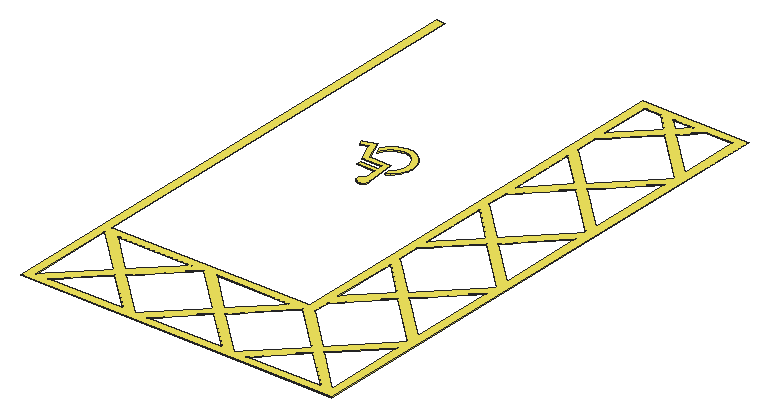
Revit family "Disabled parking bay", category Parking, Revit 2012
Parameters
  Assembly Code = ""
Reference planes
  plane 1 "Center (Front/Back)": y = 0
  plane 2: z = 0
  plane 3 "Center (Left/Right)": x = 0
Forms (mm)
  Extrusion 1, solid, material "Yellow Paint"
    sketch origin (350, 375, 0) x (1, 0, 0) y (0, 1, 0)
      loop
        line (-350, -375) -> (3250, -375) -> (3250, 5625) -> (2032.843, 5625) -> (2032.843, 1959.315) -> (2032.843, 825) -> (-250, 825) -> (-250, 5625) -> (-350, 5625) -> (-350, -375)
      loop
        line (2132.843, 5525) -> (2132.843, 4956.371) -> (2508.579, 5332.107) -> (2315.685, 5525) -> (2132.843, 5525)
      loop
        line (3032.843, -275) -> (2603.553, 154.289) -> (2174.264, -275) -> (3032.843, -275)
      loop
        line (-250, -275) -> (250, 225) -> (-250, 725) -> (-250, -275)
      loop
        line (3150, 700.736) -> (2674.264, 225) -> (3150, -250.736) -> (3150, 700.736)
      loop
        line (-108.579, 725) -> (320.711, 295.711) -> (750, 725) -> (-108.579, 725)
      loop
        line (750, -275) -> (320.711, 154.289) -> (-108.579, -275) -> (750, -275)
      loop
        line (891.421, -275) -> (1391.421, 225) -> (891.421, 725) -> (391.421, 225) -> (891.421, -275)
      loop
        line (2032.843, 725) -> (1532.843, 225) -> (2032.843, -275) -> (2532.843, 225) -> (2032.843, 725)
      loop
        line (2132.843, 766.421) -> (2603.553, 295.711) -> (3150, 842.157) -> (2579.289, 1412.868) -> (2132.843, 966.421) -> (2132.843, 766.421)
      loop
        line (1032.843, 725) -> (1462.132, 295.711) -> (1891.421, 725) -> (1032.843, 725)
      loop
        line (1891.421, -275) -> (1462.132, 154.289) -> (1032.843, -275) -> (1891.421, -275)
      loop
        line (2132.843, 2000.736) -> (2579.289, 1554.289) -> (3150, 2125) -> (2579.289, 2695.711) -> (2132.843, 2249.264) -> (2132.843, 2000.736)
      loop
        line (2132.843, 1107.843) -> (2508.579, 1483.579) -> (2132.843, 1859.315) -> (2132.843, 1107.843)
      loop
        line (3150, 1983.579) -> (2650, 1483.579) -> (3150, 983.579) -> (3150, 1983.579)
      loop
        line (2132.843, 3283.579) -> (2579.289, 2837.132) -> (3150, 3407.843) -> (2579.289, 3978.553) -> (2132.843, 3532.107) -> (2132.843, 3283.579)
      loop
        line (2132.843, 2390.685) -> (2508.579, 2766.421) -> (2132.843, 3142.157) -> (2132.843, 2390.685)
      loop
        line (3150, 3266.421) -> (2650, 2766.421) -> (3150, 2266.421) -> (3150, 3266.421)
      loop
        line (2132.843, 4566.421) -> (2579.289, 4119.975) -> (3150, 4690.685) -> (2579.289, 5261.396) -> (2132.843, 4814.949) -> (2132.843, 4566.421)
      loop
        line (2132.843, 3673.528) -> (2508.579, 4049.264) -> (2132.843, 4425) -> (2132.843, 3673.528)
      loop
        line (3150, 4549.264) -> (2650, 4049.264) -> (3150, 3549.264) -> (3150, 4549.264)
      loop
        line (2457.107, 5525) -> (2579.289, 5402.817) -> (2701.472, 5525) -> (2457.107, 5525)
      loop
        line (3150, 5525) -> (2842.893, 5525) -> (2650, 5332.107) -> (3150, 4832.107) -> (3150, 5525)
    from 0 to 3
Dimensions and locks
  Extrusion 1 to Extrusion 1 = 3600 mm
  Extrusion 1 to Extrusion 1 = 6000 mm
  locked: Extrusion 1 to Extrusion 1 at 100  (x3)
  aligned and locked: Extrusion 1 to Extrusion 1  (x4)
Nested families
  nested 1: "Wheelchair Symbol" at (1326.443, 3616.059, 0) x (-1, 0, 0) z (0, 0, 1), type "Wheelchair Symbol"
Definition of nested family "Wheelchair Symbol"
  Parameters (values of type "Wheelchair Symbol")
    Material = Paint - White
    Keynote = "Q22/185"
  Reference planes
    plane 1 "Center (Front/Back)": y = 0
    plane 2: z = 0
    plane 3 "Center (Left/Right)": x = 0
  Forms (mm)
    Extrusion 1, solid, material "Paint - White" <- "Material"
      sketch origin (0, 0, 0) x (1, 0, 0) y (0, 1, 0)
        loop
          arc (16.539, 256.733) -> (33.408, 381.774) -> (-51.198, 288.17) r 66.045
          line (-51.198, 288.17) -> (-25.877, -44.022) -> (221, -44.022) -> (320.7, -289.21) -> (463.129, -232.263) -> (441.965, -170.56) -> (356.655, -204.669) -> (264.839, 21.129) -> (34.497, 21.129) -> (30.902, 68.291) -> (235.243, 68.291) -> (235.243, 129.983) -> (26.2, 129.983) -> (16.539, 256.733)
        loop
          line (-69.652, 40.392) -> (-75.437, 116.279)
          arc (-75.437, 116.279) -> (-148.737, -292.028) -> (262.753, -239.464) r 257.27
          line (262.753, -239.464) -> (224.079, -144.353)
          arc (224.079, -144.353) -> (-62.738, -274.492) -> (-69.652, 40.392) r 188.69
      from 0 to 1.587
